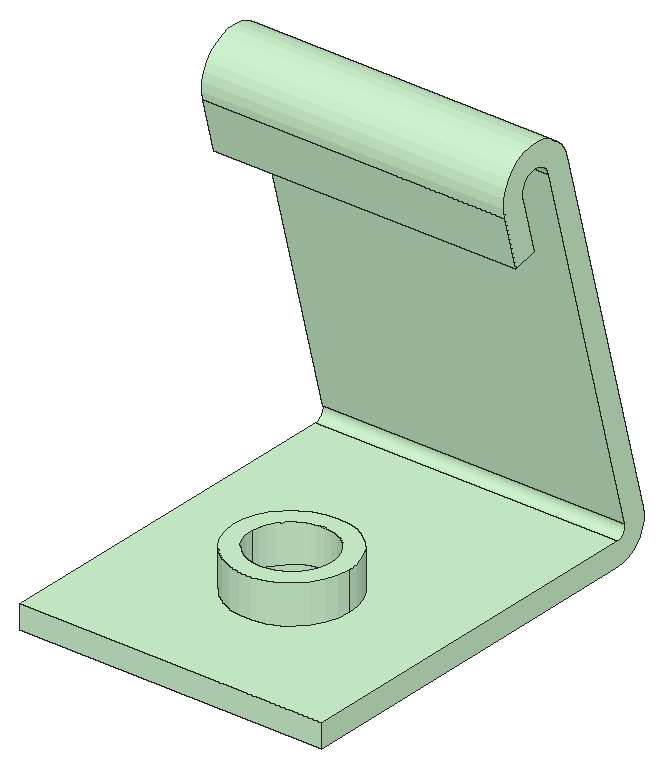
Revit family "lghook_large", category 機械設備, Revit 2022
Family settings
  丸型コネクタ寸法 = 直径を使用
  種別 = なし
  パーツ タイプ = 標準
  作業面ベース = いいえ
  常に垂直 = はい
  ロード時にボイドで切り取り = いいえ
  注釈の向きを維持 = いいえ
  共有 = いいえ
  部屋計算ポイント = いいえ
Parameters
  製造元 = "株式会社桐井製作所"
  既定の高さ = 0 mm
  URL = "https://www.kirii.co.jp/"
  K_許容荷重(N) = 820
  K_品名 = "LGフック (大)"
  K_名称 = "吊元金具"
  K_入数 = "200"
  K_バージョン情報 = "20211012"
Reference planes
  plane 1 "中心(正面/背面)": y = 0
  plane 2: z = 0
  plane 3 "中心(左/右)": x = 0
Forms (mm)
  Extrusion 1, solid
    sketch origin (0, 0.325, 0.091) x (0, 1, 0) y (0, 0, 1)
      loop
        arc (-3.525, -0.091) -> (-0.986, 1.161) -> (-0.434, 3.938) r 3.2
        line (-0.434, 3.938) -> (-9.88, 39.19)
        arc (-9.88, 39.19) -> (-14.779, 42.018) -> (-17.607, 37.119) r 4
        line (-17.607, 37.119) -> (-16.235, 32) -> (-14.014, 32.595) -> (-15.385, 37.715)
        arc (-15.385, 37.715) -> (-14.183, 39.797) -> (-12.101, 38.595) r 1.7
        line (-12.101, 38.595) -> (-2.655, 3.342)
        arc (-2.655, 3.342) -> (-2.811, 2.562) -> (-3.525, 2.209) r 0.9
        line (-3.525, 2.209) -> (-40.321, 2.209) -> (-40.321, -0.091) -> (-3.525, -0.091)
    from -15 to 15
  Extrusion 2, void
    sketch origin (0.013, -4.24, 0) x (1, 0, 0) y (0, 1, 0)
      loop
        circle (0, -20.766) r 4
    from 0 to 2.3
  Extrusion 3, solid
    sketch origin (0, -5.308, 0) x (1, 0, 0) y (0, 1, 0)
      loop
        circle (0.013, -19.697) r 5.75
      loop
        circle (0.013, -19.697) r 4
    from 2.3 to 6.1
Cuts and joins
  Extrusion 2 cuts Extrusion 1
  joined: Extrusion 1, Extrusion 3
Dimensions and locks
  aligned and locked: level to plane 2
